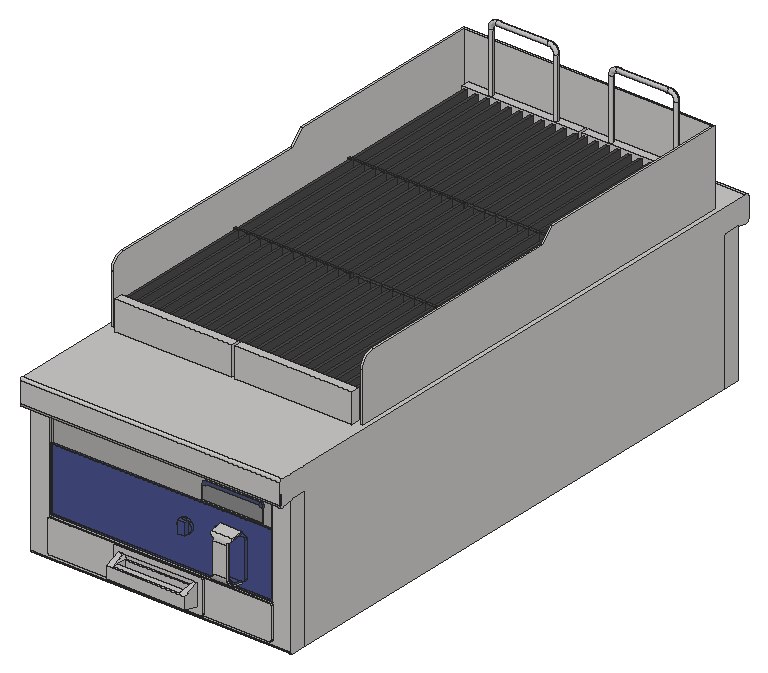
Revit family "QF_ELECTROLUXPROFESSIONAL_587189_PBOT10TVJO", category Specialty Equipment, Revit 2018
Family settings
  Round Connector Dimension = Use Diameter
  Part Type = Normal
  Work Plane-Based = No
  Always vertical = Yes
  Cut with Voids When Loaded = No
  Shared = No
  Room Calculation Point = No
Parameters (values of type "Standard")
  Weight = 180.00 kg
  Watts = 0 W
  Volts = 230 V
  URL Manufacturer = "http://professional.electrolux.com"
  URL = "http://professional.electrolux.com"
  Steam Supply Size = 1"
  Steam Supply Minimum Pressure = 0.000475846 psi
  Steam Supply Maximum Pressure = 0.000713768 psi
  Steam Consumption per Hour = 45
  Show Clearance [instance] = yes
  Refrigeration Suction Line Size = 0 mm
  Refrigeration Liquid Line Size = 0 mm
  Refrigerant Compressor Remote = yes
  Phase = 1
  Model = "PBOT10TVJO"
  Manufacturer = "Electrolux Professional"
  Length Actual = 1200 mm  # constant formula
  Item Number = "587189"
  Hot Water Size = 1/2"
  Height Actual = 400 mm  # constant formula
  HP = "0.3 HP"
  Gas Size = 0"
  Gas KW = 0
  Gas Input Pressure = 0.0 Btu/h
  Direct Waste Size = 0"
  Description = "STEAM(MAN)BOILING PAN, TILTING, 100L,230V,WALL,MARINE"
  Depth Actual = 900 mm  # constant formula
  Cycle = 50 Hz
  Condensate Return Size = 1"
  Compressed Air Volume = 0 GPM
  Compressed Air Size = 0"
  Compressed Air Pressure = 0.00 psi
  Cold Water Size = 1/2"
  Accessory = yes
Reference planes
  plane 1 "BACK": y = 0
  plane 2: z = 0
  plane 3 "LEFT": x = 0
  plane 4 "RIGHT": x = 400
  plane 5 "FRONT": y = -900
  plane 6 "TOP": z = 250
  plane 7: x = 200
  plane 8: y = -450
  plane 9: y = -1330
Forms (mm)
  Extrusion 1, solid, material "QF_Finishes_Stainless Steel"
    sketch origin (0, -487.128, 0) x (0, 1, 0) y (0, 0, 1)
      loop
        line (483.128, 250) -> (-408.872, 250)
        arc (-408.872, 250) -> (-411.7, 248.828) -> (-412.872, 246) r 4
        line (-412.872, 246) -> (-412.872, 214)
        arc (-412.872, 214) -> (-411.443, 210.936) -> (-408.177, 210.061) r 4
        line (-408.177, 210.061) -> (-391.509, 213) -> (-366.872, 213) -> (-366.872, 0) -> (441.128, 0) -> (441.128, 213) -> (465.765, 213) -> (482.433, 210.061)
        arc (482.433, 210.061) -> (485.699, 210.936) -> (487.128, 214) r 4
        line (487.128, 214) -> (487.128, 246)
        arc (487.128, 246) -> (485.956, 248.828) -> (483.128, 250) r 4
    from 0 to 400
  Extrusion 2, solid, material "QF_Finishes_Stainless Steel"
    sketch origin (0, 0, 0) x (0, 1, 0) y (0, 0, 1)
      loop
        line (-46, 0) -> (-20, 0) -> (-20, 213) -> (-46, 213) -> (-46, 0)
    from 0 to 400
  Extrusion 3, solid, material "QF_Finishes_Stainless Steel"
    sketch origin (0, -854, 0) x (1, 0, 0) y (0, -1, 0)
      loop
        circle (365, -264) r 6.35
    from 0 to 3.2
  Extrusion 4, solid, material "QF_Door-Drawer Clearances", visible <- "Show Clearance", detail levels coarse
    sketch origin (237.31, -881.593, 8.62) x (0, 0, 1) y (-1, 0, 0)
      loop
        line (1.973, -134.295) -> (49.317, -134.295)
        arc (49.317, -134.295) -> (50.776, -133.691) -> (51.38, -132.232) r 2.063
        line (51.38, -132.232) -> (51.38, 206.852)
        arc (51.38, 206.852) -> (50.88, 208.549) -> (49.541, 209.705) r 3.133
        line (49.541, 209.705) -> (3.067, 209.705)
        arc (3.067, 209.705) -> (0.898, 208.807) -> (0, 206.638) r 3.067
        line (0, 206.638) -> (0, -132.322)
        arc (0, -132.322) -> (0.578, -133.717) -> (1.973, -134.295) r 1.973
    from 0 to 448.407
  Extrusion 5, solid, material "QF_Clearances", visible <- "Show Clearance", detail levels coarse
    sketch origin (-178.969, -4572, 0) x (-1, 0, 0) y (0, -1, 0)
      loop
        line (-26.969, -3672) -> (-178.969, -3672) -> (-178.969, -4572) -> (-578.969, -4572) -> (-578.969, -3672) -> (-730.969, -3672) -> (-730.969, -4775) -> (-26.969, -4775) -> (-26.969, -3672)
    from 0 to 250
Lines and regions (mm)
  symbolic lines
    curve 1: line (0, 0, 0) -> (400, 0, 0)
    curve 2: line (0, -900, 0) -> (0, 0, 0)
    curve 3: line (400, -900, 0) -> (0, -900, 0)
    curve 4: line (400, 0, 0) -> (400, -900, 0)
  symbolic lines, style "QF_Door-Drawer Clearances"
    curve 5: line (27.605, -1330, 0) -> (27.605, -900, 0)
    curve 6: line (27.605, -1330, 0) -> (371.605, -1330, 0)
    curve 7: line (371.605, -1330, 0) -> (371.605, -900, 0)
  symbolic lines, style "QF_Clearances", visible <- "Show Clearance", detail levels coarse
    curve 8: line (-152, 203, 0) -> (-152, -900, 0)
    curve 9: line (552, 203, 0) -> (-152, 203, 0)
    curve 10: line (552, -900, 0) -> (552, 203, 0)
Dimensions and locks
  plane 3 "LEFT" to plane 4 "RIGHT" = 400 mm
  plane 5 "FRONT" to plane 1 "BACK" = 900 mm
  equal spacing: plane 3 "LEFT", plane 7, plane 4 "RIGHT"
  equal spacing: plane 5 "FRONT", plane 8, plane 1 "BACK"
  plane 6 "TOP" to level = 250 mm  (x2)
  plane 1 "BACK" to plane 5 "FRONT" = 900 mm
  Extrusion 3 sketch curve to plane 1 "BACK" = 590 mm
  Extrusion 3 sketch curve to plane 4 "RIGHT" = 35 mm
  plane 5 "FRONT" to plane 9 = 430 mm
  Extrusion 5 to plane 3 "LEFT" = 152 mm
  plane 4 "RIGHT" to Extrusion 5 = 152 mm
  plane 1 "BACK" to Extrusion 5 = 203 mm
  aligned and locked: level to plane 2
  aligned and locked: plane 7 to nested 1
  aligned and locked: Extrusion 4 to plane 9
  aligned and locked: plane 6 "TOP" to Extrusion 5
  aligned and locked: plane 7 to nested 2
Automatic sketch dimensions
  Extrusion 2 sketch curve to Extrusion 2 sketch curve = 26 mm
  plane 1 "BACK" to Extrusion 2 sketch curve = 20 mm
  Extrusion 1 sketch curve to plane 5 "FRONT" = 0 mm
  Extrusion 1 sketch curve to plane 6 "TOP" = 0 mm
  Extrusion 1 sketch curve to level = 0 mm
  Extrusion 1 sketch curve to plane 1 "BACK" = 0 mm
  Extrusion 1 sketch curve to plane 6 "TOP" = 37 mm  (x2)
  Extrusion 1 sketch curve to plane 5 "FRONT" = 4 mm
  Extrusion 1 sketch curve to plane 5 "FRONT" = 21.363 mm
  Extrusion 1 sketch curve to plane 5 "FRONT" = 46 mm
  plane 1 "BACK" to Extrusion 1 sketch curve = 21.363 mm
  plane 1 "BACK" to Extrusion 1 sketch curve = 4 mm  (x2)
  Extrusion 1 sketch curve to Extrusion 1 sketch curve = 4 mm
  Extrusion 1 sketch curve to Extrusion 1 sketch curve = 0.695 mm
  Extrusion 1 sketch curve to Extrusion 1 sketch curve = 0 mm  (x4)
  plane 1 "BACK" to Extrusion 1 sketch curve = 4.695 mm
  Extrusion 1 sketch curve to Extrusion 1 sketch curve = 1 mm  (x2)
  plane 1 "BACK" to Extrusion 1 sketch curve = 46 mm
  Extrusion 4 sketch curve to nested 1 = 1.973 mm
  Extrusion 4 sketch curve to nested 1 = 2.853 mm
  Extrusion 4 sketch curve to nested 1 = 1.839 mm
  plane 1 "BACK" to Extrusion 5 sketch curve = 0 mm
  plane 5 "FRONT" to Extrusion 5 sketch curve = 0 mm  (x2)
  Extrusion 5 sketch curve to plane 4 "RIGHT" = 152 mm
  Extrusion 5 sketch curve to plane 1 "BACK" = 203 mm
  Extrusion 5 sketch curve to plane 3 "LEFT" = 152 mm
  Extrusion 5 sketch curve to plane 3 "LEFT" = 0 mm
  Extrusion 5 sketch curve to plane 4 "RIGHT" = 0 mm
  plane 1 "BACK" to curve 1 = 0 mm
  curve 1 to plane 4 "RIGHT" = 0 mm
  curve 7 to plane 9 = 0 mm
  curve 3 to plane 3 "LEFT" = 0 mm
  plane 5 "FRONT" to curve 3 = 0 mm
  plane 5 "FRONT" to curve 10 = 0 mm
  plane 5 "FRONT" to curve 8 = 0 mm
  curve 9 to plane 4 "RIGHT" = 152 mm
  plane 4 "RIGHT" to curve 7 = 28.395 mm
  plane 3 "LEFT" to curve 5 = 27.605 mm
  curve 8 to plane 3 "LEFT" = 152 mm
  curve 8 to plane 1 "BACK" = 203 mm
  Extrusion 2 sketch curve to level = 0 mm
  Extrusion 2 sketch curve to plane 6 "TOP" = 37 mm
  radius of Extrusion 3 sketch curve = 6.35 mm
  radius of Extrusion 4 sketch curve to nested 1 = 0 mm  (x2)
Nested families
  nested 1: "GC_900_400 Front Panel with Center Grease Trap" at (202.376, -854, -650), type "GC_900_400 Front Panel with Center Grease Trap"
  nested 2: "GC_900_CharGrill" at (138.888, -5, 0), type "GC_900_CharGrill"
Connectors
  piping at (365, -590, -3.2), diameter 12.8
    settings: on Extrusion 3, index 1, connector inside diameter 0.50394", connector length 0 mm, flow factor 0, pipe flow 0 GPM, pressure drop 0.00 psi, fitting loss kfactor 0, connector angle 0.00°, fixture units 0, engagement length 0 mm, angle of deflection 0.00°, flow configuration 1, flow direction 1, fitting loss method 0, system type 7, joint type 0, gender type 0, connector reference index -1, connector utility 0, adjustable connector no, is connector primary yes, connector description "GAS CONNECTION"
Definition of nested family "GC_900_400 Front Panel with Center Grease Trap"
  Reference planes
    plane 1 "Center (Front/Back)": y = 0
    plane 2: z = 0
    plane 3 "Center (Left/Right)": x = -2.376
    plane 4: x = -202.376
    plane 5: x = 197.624
  Forms (mm)
    Extrusion 1, solid
      sketch origin (833.217, 829.203, -1.25) x (0, 1, 0) y (0, 0, 1)
        loop
          arc (-854.203, 654.25) -> (-853.324, 652.129) -> (-851.203, 651.25) r 3
          line (-851.203, 651.25) -> (-829.203, 651.25) -> (-829.203, 864.25) -> (-854.203, 864.25) -> (-854.203, 654.25)
      from -1035.593 to -635.593
    Extrusion 2, void
      sketch origin (33.217, 829.203, -1.25) x (1, 0, 0) y (0, 0, 1)
        loop
          line (-207.593, 855.116) -> (-207.593, 713.116) -> (136.407, 713.116) -> (136.407, 855.116) -> (-207.593, 855.116)
      from 848.59 to 854.203
    Extrusion 3, solid
      sketch origin (-166.718, -23.053, 847.184) x (0, 0, -1) y (1, 0, 0)
        loop
          circle (77.168, 200.901) r 11
      from 0 to 3.2
    Extrusion 4, solid
      sketch origin (-166.718, -26.253, 847.184) x (0, 0, -1) y (1, 0, 0)
        loop
          line (67.962, 195.586) -> (86.297, 195.586) -> (86.297, 206.217) -> (67.962, 206.217) -> (67.962, 195.586)
      from 0 to 6.4
  Cuts and joins
    Extrusion 2 cuts Extrusion 1
  Lines and regions (mm)
    symbolic lines
      curve 1: line (91.29, -48.326, 0) -> (91.29, -46, 0)
      curve 2: spline (96.959, -49.73, 0) -> (96.48, -49.657, 0) -> (96.002, -49.575, 0) -> (95.525, -49.486, 0) -> (95.049, -49.389, 0) -> (94.574, -49.283, 0) -> (94.101, -49.17, 0) -> (93.628, -49.049, 0) -> (93.158, -48.92, 0) -> (92.688, -48.783, 0) -> (92.22, -48.638, 0) -> (91.754, -48.486, 0) -> (91.29, -48.326, 0)
      curve 3: line (123.506, -48.326, 0) -> (123.506, -46, 0)
      curve 4: spline (123.506, -48.326, 0) -> (123.041, -48.486, 0) -> (122.575, -48.638, 0) -> (122.107, -48.783, 0) -> (121.638, -48.92, 0) -> (121.167, -49.049, 0) -> (120.695, -49.17, 0) -> (120.221, -49.283, 0) -> (119.746, -49.389, 0) -> (119.271, -49.486, 0) -> (118.794, -49.575, 0) -> (118.316, -49.657, 0) -> (117.837, -49.73, 0)
      curve 5: line (96.959, -49.73, 0) -> (117.837, -49.73, 0)
      curve 6: line (-54.768, -54.767, 0) -> (47.667, -54.767, 0)
      curve 7: line (47.667, -54.767, 0) -> (49.212, -46, 0)
      curve 8: line (-54.768, -54.767, 0) -> (-56.314, -46, 0)
  Dimensions and locks
    equal spacing: plane 5, plane 3 "Center (Left/Right)", plane 4
    plane 5 to plane 4 = 400 mm
    plane 5 to nested 1 = 90 mm
    aligned and locked: cut or joined group of Extrusion 1, Extrusion 2 to plane 4
    aligned and locked: plane 5 to cut or joined group of Extrusion 1, Extrusion 2
    aligned and locked: plane 3 "Center (Left/Right)" to nested 2
    aligned and locked: cut or joined group of Extrusion 1, Extrusion 2 to nested 2
    aligned and locked: plane 3 "Center (Left/Right)" to nested 3
  Automatic sketch dimensions
    curve 8 to plane 3 "Center (Left/Right)" = 52.392 mm
    plane 1 "Center (Front/Back)" to curve 8 = 54.767 mm
    plane 3 "Center (Left/Right)" to curve 6 = 50.042 mm
    curve 6 to curve 1 = 43.623 mm
    curve 1 to curve 5 = 5.669 mm
    curve 5 to curve 5 = 20.878 mm
    curve 5 to curve 3 = 5.669 mm
    curve 8 to curve 6 = 1.546 mm
    curve 6 to curve 7 = 1.546 mm
    plane 1 "Center (Front/Back)" to curve 2 = 6.899 mm
    curve 1 to curve 2 = 9.839 mm
    plane 1 "Center (Front/Back)" to curve 4 = 6.899 mm
    curve 2 to curve 4 = 12.538 mm
    curve 5 to curve 4 = 42.832 mm
    curve 2 to curve 1 = 1.405 mm
    curve 5 to curve 3 = 1.405 mm
    curve 3 to curve 3 = 2.326 mm
    curve 6 to curve 8 = 8.767 mm
    curve 2 to curve 1 = 2.326 mm
    curve 6 to curve 7 = 8.767 mm
    Extrusion 1 sketch curve to plane 1 "Center (Front/Back)" = 0 mm
    level to Extrusion 1 sketch curve = 650 mm
    Extrusion 1 sketch curve to Extrusion 1 sketch curve = 22 mm
    Extrusion 1 sketch curve to Extrusion 1 sketch curve = 3 mm
    Extrusion 1 sketch curve to Extrusion 1 sketch curve = 210 mm
    plane 4 to Extrusion 2 sketch curve = 28 mm
    level to Extrusion 2 sketch curve = 711.866 mm
    Extrusion 2 sketch curve to plane 5 = 28 mm
    Extrusion 2 sketch curve to Extrusion 2 sketch curve = 142 mm
    nested 2 to Extrusion 3 sketch curve = 40.144 mm
    Extrusion 3 sketch curve to nested 2 = 132.531 mm
    Extrusion 4 sketch curve to Extrusion 4 sketch curve = 18.335 mm
    Extrusion 4 sketch curve to Extrusion 4 sketch curve = 10.631 mm
    radius of Extrusion 3 sketch curve = 11 mm
  Nested families
    nested 1: "Range Control Handle" at (107.624, -28.137, -209.113) x (-1, 0, 0) z (0, 0, 1), type "Range Control Handle"
    nested 2: "glass conrol panel" at (-2.376, 280.644, 2.752), type "glass conrol panel"
    nested 3: "grease trap door" at (65.223, -25, 0.608) x (-1, 0, 0) z (0, 0, 1), type "grease trap door"
  Definition of nested family "Range Control Handle"
    Reference planes
      plane 1 "Center (Front/Back)": y = 0
      plane 2: z = 0
      plane 3 "Center (Left/Right)": x = 0
      plane 4: z = 971.092
    Forms (mm)
      Extrusion 1, solid
        sketch origin (-746.28, 380.497, 208.931) x (-1, 0, 0) y (0, 0, 1)
          loop
            line (-770.101, 786.798) -> (-770.101, 731.649)
            arc (-770.101, 731.649) -> (-769.759, 730.563) -> (-768.855, 729.87) r 1.893
            line (-768.855, 729.87) -> (-763.474, 727.911) -> (-729.81, 727.911) -> (-724.428, 729.87)
            arc (-724.428, 729.87) -> (-723.525, 730.563) -> (-723.183, 731.649) r 1.893
            line (-723.183, 731.649) -> (-723.183, 786.798)
            arc (-723.183, 786.798) -> (-723.529, 787.894) -> (-724.44, 788.593) r 1.91
            line (-724.44, 788.593) -> (-729.683, 790.819) -> (-763.601, 790.819) -> (-768.844, 788.593)
            arc (-768.844, 788.593) -> (-769.755, 787.894) -> (-770.101, 786.798) r 1.91
        from -382.35 to -378.852
      Sweep 2, solid
        path origin (-746.788, 380.496, 208.091) x (0, -1, 0) y (0, 0, 1)
          loop
            line (379.775, 793.281) -> (395.661, 791.048)
            arc (395.661, 791.048) -> (397.781, 787.377) -> (398.517, 783.202) r 12.207
            line (398.517, 783.202) -> (398.517, 737.368)
            arc (398.517, 737.368) -> (397.781, 733.193) -> (395.661, 729.522) r 12.207
            line (395.661, 729.522) -> (379.775, 727.289)
        profile origin (-746.788, -7.222, 1000.256) x (0, -0.139173, 0.990268) y (-1, 0, 0)
          loop
            line (0.782, -763.123) -> (0.782, -730.907) -> (-1.322, -730.907) -> (-1.322, -763.123) -> (0.782, -763.123)
      Sweep 3, solid
        path origin (-746.788, 380.715, 207.832) x (0, -1, 0) y (0, 0, 1)
          loop
            line (380.478, 795.442) -> (397.218, 793.09)
            arc (397.218, 793.09) -> (399.929, 788.473) -> (400.871, 783.202) r 15.207
            line (400.871, 783.202) -> (400.871, 737.584)
            arc (400.871, 737.584) -> (399.914, 732.274) -> (397.164, 727.633) r 15.207
            line (397.164, 727.633) -> (380.601, 725.305)
        profile origin (-746.788, -8.132, 1002.099) x (0, -0.139173, 0.990268) y (-1, 0, 0)
          loop
            line (0.782, -763.123) -> (0.782, -730.907) -> (-1.322, -730.907) -> (-1.322, -763.123) -> (0.782, -763.123)
      Extrusion 4, void
        sketch origin (889.253, 220.666, 207.993) x (1, 0, 0) y (0, 0, 1)
          loop
            line (-943.038, 816.854) -> (-943.038, 703.686) -> (-899.466, 734.196) -> (-899.466, 786.344) -> (-943.038, 816.854)
        from 230.636 to 242.25
      Extrusion 5, void
        sketch origin (-888.8, 220.666, 207.993) x (-1, 0, 0) y (0, 0, -1)
          loop
            line (-943.038, -816.854) -> (-899.466, -786.344) -> (-899.466, -734.196) -> (-943.038, -703.686) -> (-943.038, -816.854)
        from 230.636 to 242.25
      Extrusion 6, solid
        sketch origin (0, 0, 0) x (1, 0, 0) y (0, 0, 1)
          loop
            circle (0, 971.092) r 7.736
        from -3.137 to -1.645
    Cuts and joins
      Extrusion 4, Extrusion 5 cuts Sweep 3
      Extrusion 4, Extrusion 5 cuts Sweep 2
      joined: Extrusion 1, Extrusion 6
    Lines and regions (mm)
      symbolic lines
        curve 1: line (23.821, 1.645, 0) -> (-23.097, 1.645, 0)
        curve 2: line (16.334, -1.853, 0) -> (23.821, -1.853, 0)
        curve 3: line (-15.881, -19.189, 0) -> (-15.881, -1.853, 0)
        curve 4: line (-23.097, -1.853, 0) -> (-15.881, -1.853, 0)
        curve 5: line (16.334, -19.189, 0) -> (16.334, -1.853, 0)
        curve 6: spline (-15.881, -19.189, 0) -> (-15.417, -19.349, 0) -> (-14.951, -19.501, 0) -> (-14.483, -19.646, 0) -> (-14.014, -19.783, 0) -> (-13.543, -19.912, 0) -> (-13.071, -20.033, 0) -> (-12.597, -20.146, 0) -> (-12.122, -20.251, 0) -> (-11.646, -20.349, 0) -> (-11.169, -20.438, 0) -> (-10.691, -20.52, 0) -> (-10.213, -20.593, 0)
        curve 7: spline (10.666, -20.593, 0) -> (11.144, -20.52, 0) -> (11.622, -20.438, 0) -> (12.099, -20.349, 0) -> (12.575, -20.251, 0) -> (13.05, -20.146, 0) -> (13.524, -20.033, 0) -> (13.996, -19.912, 0) -> (14.467, -19.783, 0) -> (14.936, -19.646, 0) -> (15.404, -19.501, 0) -> (15.87, -19.349, 0) -> (16.334, -19.189, 0)
        curve 8: line (-10.213, -20.938, 0) -> (10.716, -20.938, 0)
        curve 9: line (-23.097, 1.645, 0) -> (-23.097, -1.853, 0)
        curve 10: line (23.821, 1.645, 0) -> (23.821, -1.853, 0)
  Definition of nested family "glass conrol panel"
    Reference planes
      plane 1 "Center (Front/Back)": y = 0
      plane 2: z = 0
      plane 3 "Center (Left/Right)": x = 0
    Forms (mm)
      Extrusion 1, solid
        sketch origin (378.286, 0, 0.617) x (1, 0, 0) y (0, 0, 1)
          loop
            line (-550.286, 806.791) -> (-550.286, 708.497) -> (-206.286, 708.497) -> (-206.286, 806.791) -> (-550.286, 806.791)
        from 300.031 to 304.8
      Extrusion 2, solid
        sketch origin (378.286, 0, 0.617) x (1, 0, 0) y (0, 0, 1)
          loop
            line (-550.286, 850.497) -> (-550.286, 806.791) -> (-206.286, 806.791) -> (-206.286, 850.497) -> (-550.286, 850.497)
        from 300.031 to 304.8
      Extrusion 3, void
        sketch origin (378.286, 0, 0.617) x (1, 0, 0) y (0, 0, 1)
          loop
            line (-547.628, 847.565) -> (-547.628, 710.699) -> (-209.196, 710.699) -> (-209.196, 847.565) -> (-547.628, 847.565)
        from 303.697 to 304.8
      Extrusion 4, solid
        sketch origin (-198.333, 1.101, -0.633) x (-1, 0, 0) y (0, 0, -1)
          loop
            line (-261.431, -812.62) -> (-355.186, -812.62) -> (-355.186, -834.177) -> (-350.269, -834.177) -> (-348.469, -835.977) -> (-268.039, -835.977) -> (-266.24, -834.177) -> (-261.431, -834.177) -> (-261.431, -812.62)
        from 304.798 to 306.745
      Extrusion 5, solid
        sketch origin (-198.333, 1.101, -0.633) x (-1, 0, 0) y (0, 0, -1)
          loop
            line (-350.269, -834.177) -> (-355.078, -834.177)
            arc (-355.078, -834.177) -> (-353.942, -838.747) -> (-349.686, -840.763) r 5.5
            line (-349.686, -840.763) -> (-266.98, -840.763)
            arc (-266.98, -840.763) -> (-262.706, -838.752) -> (-261.529, -834.177) r 5.549
            line (-261.529, -834.177) -> (-266.24, -834.177) -> (-268.039, -835.977) -> (-348.469, -835.977) -> (-350.269, -834.177)
        from 304.798 to 306.745
    Cuts and joins
      Extrusion 3 cuts Extrusion 1
      Extrusion 3 cuts Extrusion 2
    Dimensions and locks
      aligned and locked: Extrusion 1 to Extrusion 2
      aligned and locked: Extrusion 5 sketch curve to Extrusion 4  (x5)
      aligned and locked: Extrusion 5 to Extrusion 4
  Definition of nested family "grease trap door"
    Reference planes
      plane 1 "Center (Front/Back)": y = 0
      plane 2: z = 0
      plane 3 "Center (Left/Right)": x = 0
    Forms (mm)
      Extrusion 1, solid
        sketch origin (1627.55, 854.203, -1.25) x (1, 0, 0) y (0, 0, 1)
          loop
            arc (-1627.55, 661.235) -> (-1626.972, 659.84) -> (-1625.577, 659.262) r 1.973
            line (-1625.577, 659.262) -> (-1494.325, 659.262)
            arc (-1494.325, 659.262) -> (-1492.156, 660.16) -> (-1491.258, 662.329) r 3.067
            line (-1491.258, 662.329) -> (-1491.258, 708.803)
            arc (-1491.258, 708.803) -> (-1492.414, 710.143) -> (-1494.111, 710.642) r 3.133
            line (-1494.111, 710.642) -> (-1625.486, 710.642)
            arc (-1625.486, 710.642) -> (-1626.945, 710.038) -> (-1627.55, 708.579) r 2.063
            line (-1627.55, 708.579) -> (-1627.55, 661.235)
        from 856.795 to 859.203
      Extrusion 2, solid
        sketch origin (445.874, 2476.61, 0) x (0, 1, 0) y (0, 0, 1)
          loop
            line (-2506.377, 675.273) -> (-2481.61, 667.505) -> (-2481.61, 700.995) -> (-2506.377, 693.227) -> (-2506.377, 675.273)
        from -437.68 to -317.68
      Extrusion 3, void
        sketch origin (1627.55, 854.203, -1.25) x (1, 0, 0) y (0, 0, 1)
          loop
            line (-1614.883, 703) -> (-1610.542, 695.433) -> (-1508.17, 695.433) -> (-1503.828, 703) -> (-1614.883, 703)
          loop
            line (-1614.883, 668) -> (-1502.669, 668) -> (-1507.01, 675.567) -> (-1610.542, 675.567) -> (-1614.883, 668)
        from 832.916 to 883.97
      Extrusion 4, void
        sketch origin (447.55, 854.203, -1.25) x (1, 0, 0) y (0, 0, 1)
          loop
            line (-430.542, 695.433) -> (-430.542, 675.567) -> (-328.17, 675.567) -> (-328.17, 695.433) -> (-430.542, 695.433)
        from 859.203 to 874.202
      Extrusion 5, solid
        sketch origin (1627.55, 854.203, -1.25) x (1, 0, 0) y (0, 0, 1)
          loop
            arc (-1731.556, 661.235) -> (-1730.978, 659.84) -> (-1729.583, 659.262) r 1.973
            line (-1729.583, 659.262) -> (-1390.623, 659.262)
            arc (-1390.623, 659.262) -> (-1388.454, 660.16) -> (-1387.556, 662.329) r 3.067
            line (-1387.556, 662.329) -> (-1387.556, 708.803)
            arc (-1387.556, 708.803) -> (-1388.712, 710.143) -> (-1390.409, 710.642) r 3.133
            line (-1390.409, 710.642) -> (-1729.493, 710.642)
            arc (-1729.493, 710.642) -> (-1730.952, 710.038) -> (-1731.556, 708.579) r 2.063
            line (-1731.556, 708.579) -> (-1731.556, 661.235)
        from 854.203 to 856.795
    Cuts and joins
      Extrusion 3 cuts Extrusion 1
      Extrusion 3, Extrusion 4 cuts Extrusion 2
      joined: Extrusion 1, Extrusion 2
    Lines and regions (mm)
      symbolic lines
        curve 1: line (0, -2.593, 0) -> (136.292, -2.593, 0)
        curve 2: line (17.557, -29.767, 0) -> (12.667, -2.593, 0)
        curve 3: line (17.557, -29.767, 0) -> (119.991, -29.767, 0)
        curve 4: line (119.991, -29.767, 0) -> (124.881, -2.593, 0)
        curve 5: line (68.146, -2.593, 0) -> (68.146, -29.767, 0)
      model lines
        curve 6: line (67.599, 0, 658.012) -> (67.599, 0, 709.392)
    Dimensions and locks
      aligned and locked: Extrusion 2 to Extrusion 1
      aligned and locked: Extrusion 3 to Extrusion 2
      aligned and locked: Extrusion 4 to Extrusion 1
Definition of nested family "GC_900_CharGrill"
  Parameters
    Width [instance] = 400 mm
    No. of Rails [instance] = 2
    Grill Width [instance] = 180 mm
  Reference planes
    plane 1 "Center (Front/Back)": y = 0
    plane 2: z = 0
    plane 3 "Center (Left/Right)": x = -138.888
    plane 4: y = -900
    plane 5: x = 261.112
    plane 6: x = 61.112
    plane 7: y = -450
    plane 8: z = 250
    plane 9: x = -132.538
    plane 10: x = 254.762
    plane 11: y = -53.75
  Forms (mm)
    Extrusion 1, solid
      sketch origin (-132.538, 36.469, 1219.2) x (0, 1, 0) y (0, 0, 1)
        loop
          line (-90.219, -969.2) -> (-90.219, -854.2) -> (-400.219, -854.2) -> (-419.147, -873.128) -> (-744.324, -873.128)
          arc (-744.324, -873.128) -> (-758.466, -878.986) -> (-764.324, -893.128) r 20
          line (-764.324, -893.128) -> (-764.324, -969.2) -> (-90.219, -969.2)
      from 0 to 3.2
    Extrusion 2, solid
      sketch origin (254.762, 36.469, 1219.2) x (0, 1, 0) y (0, 0, -1)
        loop
          line (-90.219, 969.2) -> (-764.324, 969.2) -> (-764.324, 893.128)
          arc (-764.324, 893.128) -> (-758.466, 878.986) -> (-744.324, 873.128) r 20
          line (-744.324, 873.128) -> (-419.147, 873.128) -> (-400.219, 854.2) -> (-90.219, 854.2) -> (-90.219, 969.2)
      from 0 to 3.2
    Extrusion 3, solid
      sketch origin (-132.538, -53.75, 1219.2) x (-1, 0, 0) y (0, 0, 1)
        loop
          line (-387.3, -854.2) -> (-387.3, -969.2) -> (0, -969.2) -> (0, -854.2) -> (-387.3, -854.2)
      from 0 to 3.2
  Cuts and joins
    joined: Extrusion 1, Extrusion 2, Extrusion 3
  Lines and regions (mm)
    symbolic lines
      curve 1: line (254.762, -50.55, 0) -> (-132.538, -50.55, 0)
      curve 2: line (-132.538, -50.55, 0) -> (-132.538, -363.75, 0)
      curve 3: line (-132.538, -363.75, 0) -> (-129.338, -363.75, 0)
      curve 4: line (-129.338, -363.75, 0) -> (-129.338, -53.75, 0)
      curve 5: line (-129.338, -53.75, 0) -> (251.562, -53.75, 0)
      curve 6: line (251.562, -53.75, 0) -> (251.562, -363.75, 0)
      curve 7: line (251.562, -363.75, 0) -> (254.762, -363.75, 0)
      curve 8: line (254.762, -363.75, 0) -> (254.762, -50.55, 0)
  Dimensions and locks
    "Width": plane 3 "Center (Left/Right)" to plane 5
    plane 4 to plane 1 "Center (Front/Back)" = 900 mm
    equal spacing: plane 3 "Center (Left/Right)", plane 6, plane 5
    equal spacing: plane 4, plane 7, plane 1 "Center (Front/Back)"
    plane 8 to level = 250 mm
    locked: plane 3 "Center (Left/Right)" to plane 9 at 6.35
    locked: plane 10 to plane 5 at 6.35
    locked: nested 1 to plane 3 "Center (Left/Right)" at 17.5
    group 1 to group 2 = 185 mm
    group 1 to group 2 = 0 mm  (x2)
    locked: plane 5 to nested 2 at 17.5
  Automatic sketch dimensions
    Extrusion 1 sketch curve to plane 8 = 0 mm
    Extrusion 1 sketch curve to plane 4 = 172.145 mm
    plane 8 to Extrusion 1 sketch curve = 76.072 mm
    Extrusion 1 sketch curve to Extrusion 1 sketch curve = 20 mm
    plane 7 to Extrusion 1 sketch curve = 67.322 mm
    Extrusion 1 sketch curve to Extrusion 1 sketch curve = 18.928 mm  (x2)
    plane 1 "Center (Front/Back)" to Extrusion 1 sketch curve = 53.75 mm
    Extrusion 2 sketch curve to plane 8 = 0 mm
    plane 4 to Extrusion 2 sketch curve = 172.145 mm
    Extrusion 2 sketch curve to plane 8 = 76.072 mm
    Extrusion 2 sketch curve to Extrusion 2 sketch curve = 20 mm
    Extrusion 2 sketch curve to plane 7 = 67.322 mm
    Extrusion 2 sketch curve to Extrusion 2 sketch curve = 18.928 mm  (x2)
    Extrusion 2 sketch curve to plane 1 "Center (Front/Back)" = 53.75 mm
    Extrusion 3 sketch curve to plane 8 = 0 mm
    plane 10 to Extrusion 3 sketch curve = 0 mm
    Extrusion 3 sketch curve to plane 9 = 0 mm
    plane 8 to Extrusion 3 sketch curve = 115 mm
    curve 1 to plane 9 = 0 mm
    curve 5 to plane 11 = 0 mm
    curve 1 to plane 10 = 0 mm
    plane 7 to curve 8 = 86.25 mm
    plane 9 to curve 5 = 3.2 mm
    plane 10 to curve 5 = 3.2 mm
    plane 7 to curve 2 = 86.25 mm
    plane 11 to curve 1 = 3.2 mm
  Nested families
    nested 1: "Grill" at (17.5, -55, 250), Width <- "Grill Width", type "Grill"
    nested 2: "Grill" at (202.5, -55, 250), Width <- "Grill Width", type "Grill"
      with Width 180 mm
  Definition of nested family "Grill"
    Parameters
      Width [instance] = 180 mm
    Reference planes
      plane 1 "Center (Front/Back)": y = 0
      plane 2: z = 0
      plane 3 "Center (Left/Right)": x = -138.888
      plane 4: y = -680
      plane 5: x = 41.112
      plane 6: x = -48.888
      plane 7: y = -340
      plane 8: z = 150
      plane 9: x = -133.888
      plane 10: x = 36.112
      plane 11: x = -116.888
      plane 12: x = -99.888
      plane 13: x = -82.888
      plane 14: x = -65.888
      plane 15: x = -48.888
      plane 16: x = -31.888
      plane 17: x = -14.888
      plane 18: x = 2.112
      plane 19: x = 19.112
    Forms (mm)
      Extrusion 1, solid
        sketch origin (0, 0, 0) x (1, 0, 0) y (0, 0, 1)
          loop
            line (41.112, 0) -> (41.112, 45) -> (-138.888, 45) -> (-138.888, 0) -> (41.112, 0)
        from 0 to 12.7
      Extrusion 2, solid
        sketch origin (414.497, -680, 1219.2) x (1, 0, 0) y (0, 0, 1)
          loop
            line (-373.385, -1219.2) -> (-373.385, -1174.2) -> (-553.385, -1174.2) -> (-553.385, -1219.2) -> (-373.385, -1219.2)
        from 0 to -12.7
      Sweep 3, solid
        path origin (-132.538, -6.35, 1219.2) x (-1, 0, 0) y (0, 0, 1)
          loop
            line (-33.65, -1174.2) -> (-33.65, -1082.375)
            arc (-33.65, -1082.375) -> (-36.579, -1075.304) -> (-43.65, -1072.375) r 10
            line (-43.65, -1072.375) -> (-123.65, -1072.375)
            arc (-123.65, -1072.375) -> (-130.721, -1075.304) -> (-133.65, -1082.375) r 10
            line (-133.65, -1082.375) -> (-133.65, -1174.2)
        profile origin (-98.888, -6.35, 90.912) x (1, 0, 0) y (0, 1, 0)
          loop
            circle (0, 0) r 3.175
      Extrusion 4, solid
        sketch origin (-1.925, -12.7, -4.375) x (1, 0, 0) y (0, 0, 1)
          loop
            line (-133.955, 46.301) -> (-134.968, 31.301) -> (-128.957, 31.301) -> (-129.97, 46.301) -> (-133.955, 46.301)
        from 0 to 654.6
      Extrusion 5, solid
        sketch origin (168.075, -12.7, -4.375) x (1, 0, 0) y (0, 0, 1)
          loop
            line (-133.955, 46.301) -> (-134.968, 31.301) -> (-128.957, 31.301) -> (-129.97, 46.301) -> (-133.955, 46.301)
        from 0 to 654.6
      Extrusion 6, solid
        sketch origin (15.075, -12.7, -4.375) x (1, 0, 0) y (0, 0, 1)
          loop
            line (-133.955, 46.301) -> (-134.968, 31.301) -> (-128.957, 31.301) -> (-129.97, 46.301) -> (-133.955, 46.301)
        from 0 to 654.6
      Extrusion 7, solid
        sketch origin (32.075, -12.7, -4.375) x (1, 0, 0) y (0, 0, 1)
          loop
            line (-133.955, 46.301) -> (-134.968, 31.301) -> (-128.957, 31.301) -> (-129.97, 46.301) -> (-133.955, 46.301)
        from 0 to 654.6
      Extrusion 8, solid
        sketch origin (49.075, -12.7, -4.375) x (1, 0, 0) y (0, 0, 1)
          loop
            line (-133.955, 46.301) -> (-134.968, 31.301) -> (-128.957, 31.301) -> (-129.97, 46.301) -> (-133.955, 46.301)
        from 0 to 654.6
      Extrusion 9, solid
        sketch origin (66.075, -12.7, -4.375) x (1, 0, 0) y (0, 0, 1)
          loop
            line (-133.955, 46.301) -> (-134.968, 31.301) -> (-128.957, 31.301) -> (-129.97, 46.301) -> (-133.955, 46.301)
        from 0 to 654.6
      Extrusion 10, solid
        sketch origin (83.075, -12.7, -4.375) x (1, 0, 0) y (0, 0, 1)
          loop
            line (-133.955, 46.301) -> (-134.968, 31.301) -> (-128.957, 31.301) -> (-129.97, 46.301) -> (-133.955, 46.301)
        from 0 to 654.6
      Extrusion 11, solid
        sketch origin (100.075, -12.7, -4.375) x (1, 0, 0) y (0, 0, 1)
          loop
            line (-133.955, 46.301) -> (-134.968, 31.301) -> (-128.957, 31.301) -> (-129.97, 46.301) -> (-133.955, 46.301)
        from 0 to 654.6
      Extrusion 12, solid
        sketch origin (117.075, -12.7, -4.375) x (1, 0, 0) y (0, 0, 1)
          loop
            line (-133.955, 46.301) -> (-134.968, 31.301) -> (-128.957, 31.301) -> (-129.97, 46.301) -> (-133.955, 46.301)
        from 0 to 654.6
      Extrusion 13, solid
        sketch origin (134.075, -12.7, -4.375) x (1, 0, 0) y (0, 0, 1)
          loop
            line (-133.955, 46.301) -> (-134.968, 31.301) -> (-128.957, 31.301) -> (-129.97, 46.301) -> (-133.955, 46.301)
        from 0 to 654.6
      Extrusion 14, solid
        sketch origin (151.075, -12.7, -4.375) x (1, 0, 0) y (0, 0, 1)
          loop
            line (-133.955, 46.301) -> (-134.968, 31.301) -> (-128.957, 31.301) -> (-129.97, 46.301) -> (-133.955, 46.301)
        from 0 to 654.6
      Extrusion 15, solid
        sketch origin (-138.888, -110, 0) x (0, 1, 0) y (0, 0, 1)
          loop
            line (-341.993, 41.926) -> (-343.006, 26.926) -> (-336.994, 26.926) -> (-338.007, 41.926) -> (-341.993, 41.926)
          loop
            line (-121.993, 41.926) -> (-123.006, 26.926) -> (-116.994, 26.926) -> (-118.007, 41.926) -> (-121.993, 41.926)
        from 0 to 180
    Lines and regions (mm)
      symbolic lines
        curve 1: line (-136.894, -12.7, 0) -> (-136.894, -667.3, 0)
        curve 2: line (-130.882, -12.7, 0) -> (-130.882, -667.3, 0)
        curve 3: line (33.106, -12.7, 0) -> (33.106, -667.3, 0)
        curve 4: line (39.118, -12.7, 0) -> (39.118, -667.3, 0)
        curve 5: line (-119.894, -12.7, 0) -> (-119.894, -667.3, 0)
        curve 6: line (-113.882, -12.7, 0) -> (-113.882, -667.3, 0)
        curve 7: line (-102.894, -12.7, 0) -> (-102.894, -667.3, 0)
        curve 8: line (-96.882, -12.7, 0) -> (-96.882, -667.3, 0)
        curve 9: line (-85.894, -12.7, 0) -> (-85.894, -667.3, 0)
        curve 10: line (-79.882, -12.7, 0) -> (-79.882, -667.3, 0)
        curve 11: line (-68.894, -12.7, 0) -> (-68.894, -667.3, 0)
        curve 12: line (-62.882, -12.7, 0) -> (-62.882, -667.3, 0)
        curve 13: line (-51.894, -12.7, 0) -> (-51.894, -667.3, 0)
        curve 14: line (-45.882, -12.7, 0) -> (-45.882, -667.3, 0)
        curve 15: line (-34.894, -12.7, 0) -> (-34.894, -667.3, 0)
        curve 16: line (-28.882, -12.7, 0) -> (-28.882, -667.3, 0)
        curve 17: line (-17.894, -12.7, 0) -> (-17.894, -667.3, 0)
        curve 18: line (-11.882, -12.7, 0) -> (-11.882, -667.3, 0)
        curve 19: line (-0.894, -12.7, 0) -> (-0.894, -667.3, 0)
        curve 20: line (5.118, -12.7, 0) -> (5.118, -667.3, 0)
        curve 21: line (16.106, -12.7, 0) -> (16.106, -667.3, 0)
        curve 22: line (22.118, -12.7, 0) -> (22.118, -667.3, 0)
        curve 23: line (-98.888, -3.175, 0) -> (1.112, -3.175, 0)
        curve 24: line (1.112, -9.525, 0) -> (-98.888, -9.525, 0)
        curve 25: arc (-98.888, -3.175, 0) -> (-102.063, -6.35, 0) -> (-98.888, -9.525, 0) r 3.175
        curve 26: arc (1.112, -3.175, 0) -> (4.287, -6.35, 0) -> (1.112, -9.525, 0) r 3.175
        curve 27: line (-138.888, 0, 0) -> (41.112, 0, 0)
        curve 28: line (-138.888, -12.7, 0) -> (-138.888, 0, 0)
        curve 29: line (41.112, -12.7, 0) -> (-138.888, -12.7, 0)
        curve 30: line (41.112, 0, 0) -> (41.112, -12.7, 0)
        curve 31: line (-138.888, -667.3, 0) -> (41.112, -667.3, 0)
        curve 32: line (-138.888, -680, 0) -> (-138.888, -667.3, 0)
        curve 33: line (41.112, -680, 0) -> (-138.888, -680, 0)
        curve 34: line (41.112, -667.3, 0) -> (41.112, -680, 0)
    Dimensions and locks
      "Width": plane 3 "Center (Left/Right)" to plane 5
      plane 4 to plane 1 "Center (Front/Back)" = 680 mm  (x2)
      equal spacing: plane 3 "Center (Left/Right)", plane 6, plane 5
      equal spacing: plane 4, plane 7, plane 1 "Center (Front/Back)"
      plane 8 to level = 150 mm
      equal spacing: group 1, group 3, group 4, group 5, group 6, group 7, group 8, group 9, group 10, group 11, group 2  (x3)
      locked: plane 9 to plane 3 "Center (Left/Right)" at 5
      locked: plane 5 to plane 10 at 5
      aligned and locked: plane 5 to Extrusion 15
    Automatic sketch dimensions
      Extrusion 4 sketch curve to Extrusion 4 sketch curve = 15 mm
      Extrusion 4 sketch curve to Extrusion 4 sketch curve = 1.013 mm
      Extrusion 4 sketch curve to Extrusion 4 sketch curve = 3.985 mm
      Extrusion 4 sketch curve to Extrusion 4 sketch curve = 6.011 mm
      Extrusion 5 sketch curve to Extrusion 5 sketch curve = 15 mm
      Extrusion 5 sketch curve to Extrusion 5 sketch curve = 1.013 mm
      Extrusion 5 sketch curve to Extrusion 5 sketch curve = 3.985 mm
      Extrusion 5 sketch curve to Extrusion 5 sketch curve = 6.011 mm
      Extrusion 6 sketch curve to Extrusion 6 sketch curve = 15 mm
      Extrusion 6 sketch curve to Extrusion 6 sketch curve = 1.013 mm
      Extrusion 6 sketch curve to Extrusion 6 sketch curve = 3.985 mm
      Extrusion 6 sketch curve to Extrusion 6 sketch curve = 6.011 mm
      Extrusion 7 sketch curve to Extrusion 7 sketch curve = 15 mm
      Extrusion 7 sketch curve to Extrusion 7 sketch curve = 1.013 mm
      Extrusion 7 sketch curve to Extrusion 7 sketch curve = 3.985 mm
      Extrusion 7 sketch curve to Extrusion 7 sketch curve = 6.011 mm
      Extrusion 8 sketch curve to Extrusion 8 sketch curve = 15 mm
      Extrusion 8 sketch curve to Extrusion 8 sketch curve = 1.013 mm
      Extrusion 8 sketch curve to Extrusion 8 sketch curve = 3.985 mm
      Extrusion 8 sketch curve to Extrusion 8 sketch curve = 6.011 mm
      Extrusion 9 sketch curve to Extrusion 9 sketch curve = 15 mm
      Extrusion 9 sketch curve to Extrusion 9 sketch curve = 1.013 mm
      Extrusion 9 sketch curve to Extrusion 9 sketch curve = 3.985 mm
      Extrusion 9 sketch curve to Extrusion 9 sketch curve = 6.011 mm
      Extrusion 10 sketch curve to Extrusion 10 sketch curve = 15 mm
      Extrusion 10 sketch curve to Extrusion 10 sketch curve = 1.013 mm
      Extrusion 10 sketch curve to Extrusion 10 sketch curve = 3.985 mm
      Extrusion 10 sketch curve to Extrusion 10 sketch curve = 6.011 mm
      Extrusion 11 sketch curve to Extrusion 11 sketch curve = 15 mm
      Extrusion 11 sketch curve to Extrusion 11 sketch curve = 1.013 mm
      Extrusion 11 sketch curve to Extrusion 11 sketch curve = 3.985 mm
      Extrusion 11 sketch curve to Extrusion 11 sketch curve = 6.011 mm
      Extrusion 12 sketch curve to Extrusion 12 sketch curve = 15 mm
      Extrusion 12 sketch curve to Extrusion 12 sketch curve = 1.013 mm
      Extrusion 12 sketch curve to Extrusion 12 sketch curve = 3.985 mm
      Extrusion 12 sketch curve to Extrusion 12 sketch curve = 6.011 mm
      Extrusion 13 sketch curve to Extrusion 13 sketch curve = 15 mm
      Extrusion 13 sketch curve to Extrusion 13 sketch curve = 1.013 mm
      Extrusion 13 sketch curve to Extrusion 13 sketch curve = 3.985 mm
      Extrusion 13 sketch curve to Extrusion 13 sketch curve = 6.011 mm
      Extrusion 14 sketch curve to Extrusion 14 sketch curve = 15 mm
      Extrusion 14 sketch curve to Extrusion 14 sketch curve = 1.013 mm
      Extrusion 14 sketch curve to Extrusion 14 sketch curve = 3.985 mm
      Extrusion 14 sketch curve to Extrusion 14 sketch curve = 6.011 mm
      Extrusion 1 sketch curve to level = 0 mm
      Extrusion 1 sketch curve to plane 3 "Center (Left/Right)" = 0 mm
      Extrusion 1 sketch curve to plane 5 = 0 mm
      level to Extrusion 1 sketch curve = 45 mm
      Extrusion 2 sketch curve to level = 0 mm
      Extrusion 2 sketch curve to plane 3 "Center (Left/Right)" = 0 mm
      Extrusion 2 sketch curve to plane 5 = 0 mm
      level to Extrusion 2 sketch curve = 45 mm
      Sweep 3 sketch curve to plane 8 = 13.175 mm
      Sweep 3 sketch curve to plane 8 = 3.175 mm
      Sweep 3 sketch curve to Sweep 3 sketch curve = 10 mm
      Sweep 3 sketch curve to plane 6 = 40 mm
      level to Sweep 3 sketch curve = 45 mm  (x2)
      Sweep 3 sketch curve to profile plane = 0 mm  (x2)
      level to Extrusion 15 sketch curve = 26.926 mm  (x2)
      Extrusion 15 sketch curve to Extrusion 15 sketch curve = 15 mm  (x2)
      plane 7 to Extrusion 15 sketch curve = 106.994 mm
      Extrusion 15 sketch curve to Extrusion 15 sketch curve = 1.013 mm  (x2)
      Extrusion 15 sketch curve to Extrusion 15 sketch curve = 3.985 mm  (x2)
      Extrusion 15 sketch curve to Extrusion 15 sketch curve = 6.011 mm  (x2)
      Extrusion 15 sketch curve to plane 7 = 113.006 mm
      plane 1 "Center (Front/Back)" to curve 28 = 0 mm
      curve 28 to plane 3 "Center (Left/Right)" = 0 mm
      curve 33 to plane 3 "Center (Left/Right)" = 0 mm
      curve 34 to plane 5 = 0 mm
      curve 29 to plane 5 = 0 mm
      plane 4 to curve 34 = 0 mm
      plane 1 "Center (Front/Back)" to curve 24 = 9.525 mm
      plane 9 to curve 24 = 35 mm
      plane 1 "Center (Front/Back)" to curve 23 = 3.175 mm
      curve 33 to curve 34 = 12.7 mm
      plane 1 "Center (Front/Back)" to curve 29 = 12.7 mm
      curve 1 to curve 2 = 6.011 mm
      curve 1 to curve 2 = 0 mm  (x2)
      curve 2 to curve 2 = 654.6 mm
      curve 3 to curve 4 = 6.011 mm
      curve 3 to curve 4 = 0 mm  (x2)
      curve 4 to curve 4 = 654.6 mm
      curve 5 to curve 6 = 6.011 mm
      curve 5 to curve 6 = 0 mm  (x2)
      curve 6 to curve 6 = 654.6 mm
      curve 7 to curve 8 = 6.011 mm
      curve 7 to curve 8 = 0 mm  (x2)
      curve 8 to curve 8 = 654.6 mm
      curve 9 to curve 10 = 6.011 mm
      curve 9 to curve 10 = 0 mm  (x2)
      curve 10 to curve 10 = 654.6 mm
      curve 11 to curve 12 = 6.011 mm
      curve 11 to curve 12 = 0 mm  (x2)
      curve 12 to curve 12 = 654.6 mm
      curve 13 to curve 14 = 6.011 mm
      curve 13 to curve 14 = 0 mm  (x2)
      curve 14 to curve 14 = 654.6 mm
      curve 15 to curve 16 = 6.011 mm
      curve 15 to curve 16 = 0 mm  (x2)
      curve 16 to curve 16 = 654.6 mm
      curve 17 to curve 18 = 6.011 mm
      curve 17 to curve 18 = 0 mm  (x2)
      curve 18 to curve 18 = 654.6 mm
      curve 19 to curve 20 = 6.011 mm
      curve 19 to curve 20 = 0 mm  (x2)
      curve 20 to curve 20 = 654.6 mm
      curve 21 to curve 22 = 6.011 mm
      curve 21 to curve 22 = 0 mm  (x2)
      curve 22 to curve 22 = 654.6 mm
      curve 23 to plane 5 = 40 mm
      Sweep 3 sketch curve to plane 5 = 40 mm
      radius of Sweep 3 sketch curve = 3.175 mm
